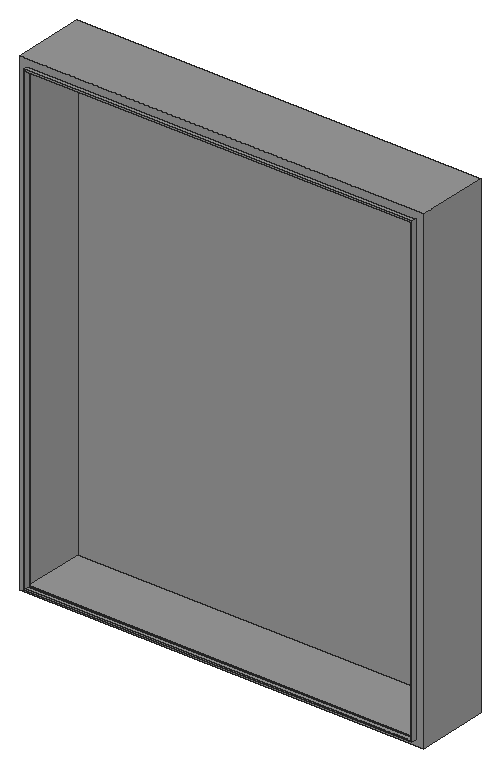
Revit family "Hager-Univers-IP30-D160-Cl.II-FWQ-encl-NoHosted-NL-en", category Equipement électrique, Revit 2020
Family settings
  Configuration du panneau = Deux colonnes, circuits au sein
  Cote de connecteur circulaire = Utiliser le diamètre
  Type d'élément = Tableau de raccordement
  Basée sur le plan de construction = Oui
  Toujours verticalement = Oui
  Couper avec des vides une fois chargée = Non
  Partagée = Non
  Point de calcul de pièce = Non
Parameters (values of type "Surface mounted (plaster) IP30 W800 H950 D160  - FWQ63N1")
  Width Control [instance] = if([EF000008 - Width] > Min Width, [EF000008 - Width], Min Width)  # 800 mm
  Commentaires du type = [HG000003 - Range]  # "Univers"
  Thickness Door [instance] = if([EF009171 - Material plate thickness door/cover] > 3 mm, 3 mm, [EF009171 - Material plate thickness door/cover])  # 2 mm
  Seal Frame Offset [instance] = 17 mm  # constant formula
  Plinth Visibility [instance] = [HG000027 - Plinth height] > 0 mm  # no
  Min Width [instance] = 100 mm  # constant formula
  Min Depth [instance] = (2 * [EF009170 - Material plate thickness cabinet]) + 1 mm  # 5 mm
  Min Height [instance] = 100 mm  # constant formula
  Internal Frame Depth [instance] = (Door System Depth * 0.5)  # 9 mm
  Panel Name [instance] = ""  # (empty or 0)
  Model = ""
  HG000027 - Plinth height = 0 mm
  HG000026 - Floor standing = no
  HG000024 - Bottom section height = 600 mm
  HG000023 - Double section enclosure = no
  HG000016 - Door 3d visibility [instance] = yes
  HG000015 - Clearance visibility [instance] = no
  HG000014 - Door on the right [instance] = yes
  HG000013 - Door on the left [instance] = not([HG000014 - Door on the right])  # no
  HG000012 - Door swing angle [instance] = 30.00°
  HG000010 - Asymmetric doors = no
  HG000009 - Double swing door = no
  HG000006 - Flush mounted = no
  HG000004 - Manufacturer reference = "FWQ63N1"
  HG000003 - Range = "Univers"
  HG000002 - With door or cover = no
  Frame Offset Bottom [instance] = 10 mm  # constant formula
  Frame Offset [instance] = 15 mm  # constant formula
  EF015940 - Cover with overpressure release = no
  EF011959 - Degree of protection (NEMA) = ""
  EF009554 - Number of openings for flange plates = 6
  EF009212 - Cover model = "EV009916 - With notch"
  EF009171 - Material plate thickness door/cover = 2 mm
  EF009170 - Material plate thickness cabinet = 2 mm
  EF008873 - Nominal current (In) = 125 A
  EF007800 - Suitable for lightning protection = no
  EF006306 - With lock = no
  EF006244 - Transparent cover/door = no
  EF005474 - Degree of protection (IP) = "EV006410 - IP30"
  EF004464 - Type of door = "EV002646 - Single"
  EF004427 - Number of modules = 144
  EF004293 - Impact strength = "EV006815 - IK09"
  EF003532 - Suitable for outdoor use = no
  EF002950 - Width in number of modular spacings = 36
  EF001613 - Circuit integrity = "EV000494 - None"
  EF001596 - Material housing = "EV000179 - Steel"
  EF001131 - Internal depth = 160 mm
  EF001088 - Extension possible = yes
  EF000437 - Number of conduit inlets = 12
  EF000339 - Type of cover = "EV001012 - Cover"
  EF000266 - Number of rows = 3
  EF000218 - Built-in depth = 0 mm
  EF000118 - With mounting plate = yes
  EF000116 - RAL-number = "9010"
  EF000049 - Depth = 160 mm
  EF000040 - Height = 950 mm
  EF000008 - Width = 800 mm
  EF000007 - Colour = "EV000202 - White"
  EF000003 - Mounting method = "EV000384 - Surface mounted (plaster)"
  Door System Leaf Tolerance [instance] = 1.5 mm  # constant formula
  Door System Depth [instance] = 18 mm  # constant formula
  Door Height [instance] = Height Control - [HG000027 - Plinth height]  # 950 mm
  Description = ""
  Default Elevation = 1219.2 mm
  Connector Offset [instance] = Height Control / 2  # 475 mm
  Fabricant = "Hager"  # constant formula
  Height Control [instance] = if([EF000040 - Height] > Min Height, [EF000040 - Height], Min Height)  # 950 mm
  Depth Control [instance] = if([EF000049 - Depth] > Min Depth, [EF000049 - Depth], Min Depth)  # 160 mm
  Bottom Top Plate Trim [instance] = 1.5 mm  # constant formula
  Plinth height Ctrl [instance] = if([HG000027 - Plinth height] > 0 mm, [HG000027 - Plinth height], 12 mm)  # 12 mm
Types (20, lengths in mm): name | Width Control | HG000004 - Manufacturer reference | EF009554 - Number of openings for flange plates | EF004464 - Type of door | EF004427 - Number of modules | EF004293 - Impact strength | EF002950 - Width in number of modular spacings | EF001131 - Internal depth | EF000437 - Number of conduit inlets | EF000339 - Type of cover | EF000266 - Number of rows | EF000118 - With mounting plate | EF000040 - Height | EF000008 - Width | Door Height | Connector Offset | Height Control
  Surface mounted (plaster) IP30 W1050 H1100 D160  - FWQ74N1 | 1050 | "FWQ74N1" | 8 | "EV002646 - Single" | 336 | "EV006815 - IK09" | 48 | 160 | 16 | "EV001012 - Cover" | 7 | yes | 1100 | 1050 | 1100 | 550 | 1100
  Surface mounted (plaster) IP30 W1050 H650 D160  - FWQ34D1 | 1050 | "FWQ34D1" | 8 | "EV002646 - Single" | 192 | "EV006815 - IK09" | 48 | 160 | 16 | "EV001012 - Cover" | 16 | yes | 650 | 1050 | 650 | 325 | 650
  Surface mounted (plaster) IP30 W1050 H650 D160  - FWQ44D1 | 1050 | "FWQ44D1" | 8 | "EV002646 - Single" | 192 | "" | 48 | 160 | 16 | "EV001012 - Cover" | 16 | yes | 650 | 1050 | 650 | 325 | 650
  Surface mounted (plaster) IP30 W1050 H800 D160  - FWQ54D1 | 1050 | "FWQ54D1" | 8 | "EV002646 - Single" | 240 | "" | 48 | 160 | 16 | "EV001012 - Cover" | 20 | yes | 800 | 1050 | 800 | 400 | 800
  Surface mounted (plaster) IP30 W300 H650 D160  - FWQ41D1 | 300 | "FWQ41D1" | 2 | "EV002646 - Single" | 48 | "" | 12 | 160 | 4 | "EV001012 - Cover" | 4 | yes | 650 | 300 | 650 | 325 | 650
  Surface mounted (plaster) IP30 W300 H950 D160  - FWQ61D1 | 300 | "FWQ61D1" | 2 | "EV002646 - Single" | 72 | "" | 12 | 160 | 4 | "EV001012 - Cover" | 6 | yes | 950 | 300 | 950 | 475 | 950
  Surface mounted (plaster) IP30 W550 H1100 D160  - FWQ72D1 | 550 | "FWQ72D1" | 4 | "EV002646 - Single" | 168 | "" | 12 | 160 | 8 | "EV001012 - Cover" | 14 | yes | 1100 | 550 | 1100 | 550 | 1100
  Surface mounted (plaster) IP30 W550 H1100 D160  - FWQ72N1 | 550 | "FWQ72N1" | 4 | "EV002646 - Single" | 168 | "EV006815 - IK09" | 24 | 160 | 8 | "EV001012 - Cover" | 7 | yes | 1100 | 550 | 1100 | 550 | 1100
  Surface mounted (plaster) IP30 W550 H650 D160  - FWQ42D1 | 550 | "FWQ42D1" | 4 | "EV002646 - Single" | 96 | "" | 24 | 160 | 8 | "EV001012 - Cover" | 8 | yes | 650 | 550 | 650 | 325 | 650
  Surface mounted (plaster) IP30 W550 H800 D160  - FWQ52D1 | 550 | "FWQ52D1" | 4 | "EV002646 - Single" | 120 | "" | 24 | 160 | 8 | "EV001012 - Cover" | 10 | yes | 800 | 550 | 800 | 400 | 800
  Surface mounted (plaster) IP30 W550 H800 D160  - FWQ52N1 | 550 | "FWQ52N1" | 4 | "EV002646 - Single" | 120 | "EV006815 - IK09" | 24 | 160 | 8 | "EV001012 - Cover" | 5 | yes | 800 | 550 | 800 | 400 | 800
  Surface mounted (plaster) IP30 W550 H950 D160  - FWQ62D1 | 550 | "FWQ62D1" | 4 | "EV002646 - Single" | 144 | "" | 24 | 160 | 8 | "EV001012 - Cover" | 12 | yes | 950 | 550 | 950 | 475 | 950
  Surface mounted (plaster) IP30 W550 H950 D160  - FWQ62N1 | 550 | "FWQ62N1" | 4 | "EV002646 - Single" | 96 | "EV006815 - IK09" | 24 | 160 | 8 | "EV001012 - Cover" | 2 | yes | 950 | 550 | 950 | 475 | 950
  Surface mounted (plaster) IP30 W800 H1100 D160  - FWQ73N1 | 800 | "FWQ73N1" | 6 | "EV002646 - Single" | 252 | "EV006815 - IK09" | 36 | 160 | 12 | "EV001012 - Cover" | 7 | yes | 1100 | 800 | 1100 | 550 | 1100
  Surface mounted (plaster) IP30 W800 H500 D160  - FWQ33D1 | 800 | "FWQ33D1" | 6 | "EV000494 - None" | 108 | "" | 36 | 156 | 12 | "EV000494 - None" | 9 | no | 500 | 800 | 500 | 250 | 500
  Surface mounted (plaster) IP30 W800 H650 D160  - FWQ43D1 | 800 | "FWQ43D1" | 6 | "EV002646 - Single" | 144 | "" | 36 | 160 | 12 | "EV001012 - Cover" | 12 | yes | 650 | 800 | 650 | 325 | 650
  Surface mounted (plaster) IP30 W800 H800 D160  - FWQ53D1 | 800 | "FWQ53D1" | 6 | "EV002646 - Single" | 180 | "" | 36 | 160 | 12 | "EV001012 - Cover" | 15 | yes | 800 | 800 | 800 | 400 | 800
  Surface mounted (plaster) IP30 W800 H800 D160  - FWQ53N1 | 800 | "FWQ53N1" | 6 | "EV002646 - Single" | 180 | "EV006815 - IK09" | 36 | 160 | 12 | "EV001012 - Cover" | 5 | yes | 800 | 800 | 800 | 400 | 800
  Surface mounted (plaster) IP30 W800 H950 D160  - FWQ63D1 | 800 | "FWQ63D1" | 6 | "EV002646 - Single" | 216 | "" | 36 | 160 | 12 | "EV001012 - Cover" | 18 | yes | 950 | 800 | 950 | 475 | 950
  Surface mounted (plaster) IP30 W800 H950 D160  - FWQ63N1 | 800 | "FWQ63N1" | 6 | "EV002646 - Single" | 144 | "EV006815 - IK09" | 36 | 160 | 12 | "EV001012 - Cover" | 3 | yes | 950 | 800 | 950 | 475 | 950
Reference planes
  plane 1 "Center (Front/Back)": y = 0
  plane 2: z = 0
  plane 3 "Center (Left/Right)": x = 0
  plane 4: y = 0
  plane 5: y = 0
  plane 6: z = 0
  plane 7: x = -400
  plane 8: x = 400
  plane 9: x = 398
  plane 10: x = -398
  plane 11: z = 0
  plane 12: z = 2
  plane 13: y = -160
  plane 14: y = -2
  plane 15: x = 0
  plane 16: y = -142
  plane 17: y = -158
  plane 18: y = -140
  plane 19: x = -383
  plane 20: x = 383
  plane 21: z = 12
  plane 22: x = -383
  plane 23: x = 383
  plane 24: z = 0
  plane 25: z = 950
  plane 26: z = 950
  plane 27: z = 933
  plane 28: z = 948
Forms (mm)
  Extrusion 1, solid, material "Hager_Steel_RAL7035_Light_Grey", detail levels medium+fine
    sketch origin (-208.679, -4572, 0) x (-1, 0, 0) y (0, -1, 0)
      loop
        line (191.321, -4430) -> (-608.679, -4430) -> (-608.679, -4572) -> (191.321, -4572) -> (191.321, -4430)
    from 0 to 950
  Extrusion 2, void
    sketch origin (-350.771, -160, 1219.2) x (1, 0, 0) y (0, 0, 1)
      loop
        line (-47.229, -271.2) -> (-47.229, -1217.2) -> (748.771, -1217.2) -> (748.771, -271.2) -> (-47.229, -271.2)
    from -20 to -158
  Extrusion 3, void
    sketch origin (-290.084, -142, 1219.2) x (1, 0, 0) y (0, 0, 1)
      loop
        line (-92.916, -1207.2) -> (673.084, -1207.2) -> (673.084, -286.2) -> (-92.916, -286.2) -> (-92.916, -1207.2)
    from 0 to -2
  Extrusion 4, solid, material "Hager_Steel_RAL7035_Light_Grey", visible <- "Plinth Visibility", detail levels medium+fine
    sketch origin (0, 0, 0) x (1, 0, 0) y (0, 1, 0)
      loop
        line (-400, 0) -> (-400, -142) -> (400, -142) -> (400, 0) -> (-400, 0)
    from 0 to 12 <- "Plinth height Ctrl"
  Extrusion 5, solid, material "Hager_Steel_RAL7035_Light_Grey", detail levels coarse
    sketch origin (0, 0, 0) x (1, 0, 0) y (0, 1, 0)
      loop
        line (-400, 0) -> (-400, -160) -> (400, -160) -> (400, 0) -> (-400, 0)
    from 0 to 950 <- "Height Control"
  Sweep 6, void
    path in 3D
      loop
        line (-400, -142, 12) -> (400, -142, 12) -> (400, 0, 12) -> (-400, 0, 12) -> (-400, -142, 12)
    profile origin (-400, -71, 12) x (1, 0, 0) y (0, 0, 1)
      loop
        line (0, 0) -> (0, -1.5) -> (1.5, -1.5)
        arc (1.5, -1.5) -> (1.061, -0.439) -> (0, 0) r 1.5
  Extrusion 7, solid, material "Hager_Steel_RAL7035_Light_Grey", detail levels fine
    sketch origin (-400, -142, 0) x (1, 0, 0) y (0, 0, 1)
      loop
        line (17, 12) -> (783, 12) -> (783, 933) -> (17, 933) -> (17, 12)
      loop
        line (15, 10) -> (785, 10) -> (785, 935) -> (15, 935) -> (15, 10)
    from 0 to 9 <- "Internal Frame Depth"
Cuts and joins
  Extrusion 2, Extrusion 3 cuts Extrusion 1
  Sweep 6 cuts Extrusion 4
Lines and regions (mm)
  Masking region 1
    outline origin (0, 0, 0) x (1, 0, 0) y (0, 1, 0)
      loop
        line (-400, 0) -> (-400, -160) -> (400, -160) -> (400, 0) -> (-400, 0)
  Masking region 2, detail levels coarse
    outline origin (-290.084, -142, 1219.2) x (-1, 0, 0) y (0, 0, 1)
      loop
        line (-690.084, -1219.2) -> (109.916, -1219.2) -> (109.916, -269.2) -> (-690.084, -269.2) -> (-690.084, -1219.2)
  Masking region 3, detail levels coarse
    outline origin (0, 0, 0) x (0, 1, 0) y (0, 0, 1)
      loop
        line (0, 0) -> (0, 950) -> (-160, 950) -> (-160, 0) -> (0, 0)
  Masking region 4, visible <- "Plinth Visibility", detail levels medium+fine
    outline origin (0, 0, 0) x (0, 1, 0) y (0, 0, 1)
      loop
        line (-1.5, 12) -> (-140.5, 12)
        arc (-140.5, 12) -> (-140.939, 10.939) -> (-142, 10.5) r 1.5
        line (-142, 10.5) -> (-142, 0) -> (0, 0) -> (0, 10.5)
        arc (0, 10.5) -> (-1.061, 10.939) -> (-1.5, 12) r 1.5
  Masking region 5, detail levels medium+fine
    outline origin (0, 0, 594.038) x (0, 1, 0) y (0, 0, 1)
      loop
        line (0, -594.038) -> (0, 355.962) -> (-142, 355.962) -> (-142, -594.038) -> (0, -594.038)
  Masking region 6, detail levels medium+fine
    outline origin (-359.7, -142, 1211.883) x (-1, 0, 0) y (0, 0, 1)
      loop
        line (-759.7, -1211.883) -> (40.3, -1211.883) -> (40.3, -261.883) -> (-759.7, -261.883) -> (-759.7, -1211.883)
  Masking region 7, visible <- "Plinth Visibility", detail levels medium+fine
    outline origin (-320.334, -142, 1041.368) x (-1, 0, 0) y (0, 0, 1)
      loop
        line (-720.334, -1041.368) -> (79.666, -1041.368) -> (79.666, -1030.868)
        arc (79.666, -1030.868) -> (78.606, -1030.429) -> (78.166, -1029.368) r 1.5
        line (78.166, -1029.368) -> (-718.834, -1029.368)
        arc (-718.834, -1029.368) -> (-719.273, -1030.429) -> (-720.334, -1030.868) r 1.5
        line (-720.334, -1030.868) -> (-720.334, -1041.368)
  sketch lines
    curve 1: line (-400, 0, 12) -> (-400, -142, 12)
    curve 2: line (-400, -142, 12) -> (400, -142, 12)
    curve 3: line (400, 0, 12) -> (-400, 0, 12)
    curve 4: line (400, -142, 12) -> (400, 0, 12)
Dimensions and locks
  locked: plane 1 "Center (Front/Back)" to plane 5
  "EF009170 - Material plate thickness cabinet": plane 7 to plane 10
  "EF009170 - Material plate thickness cabinet": plane 8 to plane 9
  equal spacing: plane 7, plane 3 "Center (Left/Right)", plane 8
  "Width Control": plane 7 to plane 8
  "Depth Control": plane 4 to plane 13
  "EF009170 - Material plate thickness cabinet": plane 4 to plane 14
  "Height Control": plane 25 to level
  "HG000027 - Plinth height": plane 11 to level
  "EF009170 - Material plate thickness cabinet": plane 12 to plane 11
  "EF009170 - Material plate thickness cabinet": plane 17 to plane 13
  "EF009170 - Material plate thickness cabinet": plane 18 to plane 16
  "Frame Offset Bottom": plane 21 to plane 12
  "Frame Offset": plane 10 to plane 19
  "Frame Offset": plane 9 to plane 20
  "Door System Depth": plane 16 to plane 13
  "Seal Frame Offset": plane 7 to plane 22
  "Seal Frame Offset": plane 8 to plane 23
  "EF009170 - Material plate thickness cabinet": plane 26 to plane 28
  "Frame Offset": plane 28 to plane 27
  "Connector Offset": plane 2 to connector elem
  "Bottom Top Plate Trim": profile plane to Sweep 6 sketch curve
  "Bottom Top Plate Trim": Sweep 6 sketch curve to Sweep 6 sketch curve
  "Plinth height Ctrl": Masking region 4 sketch curve to level
  "Plinth height Ctrl": Masking region 7 sketch curve to level
  "Thickness Door": Extrusion 7 sketch curve to Extrusion 7 sketch curve  (x4)
  "Bottom Top Plate Trim": radius of Sweep 6 sketch curve
  "Bottom Top Plate Trim": radius of Masking region 4 sketch curve  (x2)
  "Bottom Top Plate Trim": radius of Masking region 7 sketch curve  (x2)
  aligned and locked: Extrusion 2 sketch curve to plane 12
  aligned and locked: Extrusion 2 sketch curve to plane 9
  aligned and locked: Extrusion 2 sketch curve to plane 10
  aligned and locked: Extrusion 2 to plane 14
  aligned and locked: Extrusion 1 sketch curve to plane 4
  aligned and locked: plane 8 to Extrusion 1 sketch curve
  aligned and locked: plane 7 to Extrusion 1 sketch curve
  aligned and locked: Extrusion 2 to plane 18
  aligned and locked: Extrusion 3 sketch curve to plane 19
  aligned and locked: plane 20 to Extrusion 3 sketch curve
  aligned and locked: Extrusion 3 to Extrusion 2
  aligned and locked: Extrusion 3 sketch curve to plane 21
  aligned and locked: plane 3 "Center (Left/Right)" to nested 1
  aligned and locked: Extrusion 1 sketch curve to plane 16
  aligned and locked: Extrusion 4 sketch curve to cut or joined group of Extrusion 1, Extrusion 2, Extrusion 3
  aligned and locked: Masking region 1 sketch curve to plane 7
  aligned and locked: Masking region 1 sketch curve to plane 5
  aligned and locked: Masking region 1 sketch curve to plane 8
  aligned and locked: Masking region 2 sketch curve to level
  aligned and locked: level to Masking region 3 sketch curve
  aligned and locked: plane 1 "Center (Front/Back)" to Masking region 3 sketch curve
  aligned and locked: plane 13 to Masking region 3 sketch curve
  aligned and locked: plane 5 to Masking region 4 sketch curve
  aligned and locked: Masking region 2 sketch curve to plane 8
  aligned and locked: Masking region 2 sketch curve to plane 7
  aligned and locked: plane 7 to nested 2
  aligned and locked: nested 2 to plane 5
  aligned and locked: plane 5 to Masking region 5 sketch curve
  aligned and locked: plane 26 to Masking region 5 sketch curve
  aligned and locked: Extrusion 5 sketch curve to plane 8
  aligned and locked: Extrusion 5 sketch curve to plane 7
  aligned and locked: Extrusion 5 sketch curve to plane 5
  aligned and locked: Extrusion 3 sketch curve to plane 27
  aligned and locked: Extrusion 2 sketch curve to plane 28
  aligned and locked: Masking region 2 to plane 25
  aligned and locked: Extrusion 4 to plane 16
  aligned and locked: profile plane to Sweep 6 sketch curve
  aligned and locked: Masking region 5 sketch curve to plane 24
  aligned and locked: level to Masking region 4 sketch curve
  aligned and locked: Masking region 1 to plane 13
  aligned and locked: nested 1 to plane 16
  aligned and locked: Masking region 3 to plane 25
  aligned and locked: plane 16 to Masking region 4 sketch curve
  aligned and locked: Masking region 5 sketch curve to plane 16
  aligned and locked: plane 24 to plane 11
  aligned and locked: plane 26 to plane 25
  aligned and locked: plane 26 to cut or joined group of Extrusion 1, Extrusion 2, Extrusion 3
  aligned and locked: nested 1 to plane 24
  aligned and locked: Extrusion 1 to Extrusion 3
  aligned and locked: Masking region 6 sketch curve to plane 8
  aligned and locked: Masking region 6 sketch curve to plane 24
  aligned and locked: Masking region 6 sketch curve to plane 7
  aligned and locked: Masking region 6 sketch curve to plane 26
  aligned and locked: Masking region 7 sketch curve to plane 7
  aligned and locked: level to Masking region 7 sketch curve
  aligned and locked: Masking region 7 sketch curve to plane 8
  aligned and locked: Extrusion 7 sketch curve to cut or joined group of Extrusion 1, Extrusion 2, Extrusion 3  (x4)
Automatic sketch dimensions
  plane 19 to Extrusion 3 sketch curve = 0 mm
  Extrusion 3 sketch curve to plane 20 = 0 mm
  Extrusion 3 sketch curve to plane 21 = 0 mm
  Extrusion 4 sketch curve to plane 7 = 0 mm
  Extrusion 4 sketch curve to plane 8 = 0 mm
  Extrusion 4 sketch curve to plane 16 = 0 mm
  Masking region 1 sketch curve to plane 13 = 0 mm
  Masking region 2 sketch curve to plane 25 = 0 mm
  Masking region 3 sketch curve to plane 25 = 0 mm
  Extrusion 5 sketch curve to plane 13 = 0 mm
  profile plane to Sweep 6 sketch curve = 0 mm
Nested families
  nested 1: "EC000058_Univers_Door" at (0, -142, 0), Double <- "HG000009 - Double swing door", Transparent <- "EF006244 - Transparent cover/door", Angle <- "HG000012 - Door swing angle", Door_Right <- "HG000014 - Door on the right", Assymetrical <- "HG000010 - Asymmetric doors", Door <- "HG000002 - With door or cover", Width_Ctrl <- "Width Control", 3d_Door <- "HG000016 - Door 3d visibility", Clearance <- "HG000015 - Clearance visibility", Door_Left <- "HG000013 - Door on the left", Width <- "Width Control", Door_Depth <- "Door System Depth", Leaf_Tolerance <- "Door System Leaf Tolerance", Height <- "Door Height", Lock_Visibility <- "EF006306 - With lock", Thickness <- "Thickness Door", type "EC000058_Univers_Door", detail levels medium+fine
    with min_wh 5 mm, Width_Ctrl 800 mm, Width 800 mm, Transparent no, Thickness 2 mm, Seal_Material Hager_Rubber, Lock_Visibility no, Lock_Material Hager_Plastic_RAL9005_Jet_Black, Leaf_Width 800 mm, Leaf_Tolerance_External_Sides 0 mm, Leaf_Tolerance 1.5 mm, Leaf_Offset 0 mm, Leaf_Height 947 mm, Leaf_2_Width 800 mm, Leaf_2_Offset 400 mm, Leaf_1_Width 800 mm, Leaf_1_Offset 400 mm, Height_Ctrl 950 mm, Height 950 mm, Glass_Material Hager_Glass, Double_Clearance_Ctrl no, Double no, Door_Right_Ctrl no, Door_Right yes, Door_Material Hager_Steel_RAL7035_Light_Grey, Door_Left_Ctrl no, Door_Left no, Door_Depth 18 mm, Door no, Clearance_Material Hager_Clearance, Clearance_Depth 800 mm, Clearance_Ctrl no, Clearance no, Assymetrical no, Angle 30.00°, 3d_Door yes
  nested 2: "Hager_Enclosure_Symbol" at (-400, 0, 0), Height <- "Depth Control", Width <- "Width Control", type "Hager_Enclosure_Symbol"
    with Width_Ctrl 800 mm, Width 800 mm, Height_Ctrl 160 mm, Height 160 mm, A_Width_Int 10.5 mm, A_Width 126 mm, A_Height_Ctrl 140 mm, A_Height 140 mm
Connectors
  electrical at (0, 0, 475)
    settings: on plane 1 "Center (Front/Back)", index 1, voltage 0 V, apparent load 0 VA, apparent load phase1 0 VA, apparent load phase2 0 VA, apparent load phase3 0 VA, power factor 1, load classification "Other", number of poles 1, system type 30, power factor state 1, is connector primary yes, connector utility no, sub classification motor no, connector description ""
Definition of nested family "EC000058_Univers_Door"
  Parameters (values of type "EC000058_Univers_Door")
    min_wh [instance] = (2 * Thickness) + 1 mm  # 11 mm
    Width_Ctrl [instance] = 400 mm
    Width [instance] = 500 mm
    Transparent [instance] = yes
    Thickness [instance] = 5 mm
    Seal_Material [instance] = none
    Lock_Visibility [instance] = yes
    Lock_Material [instance] = none
    Leaf_Width [instance] = if((Width_Ctrl - 2 * Leaf_Tolerance_External_Sides) > 0 mm, (Width_Ctrl - 2 * Leaf_Tolerance_External_Sides), min_wh)  # 400 mm
    Leaf_Tolerance_External_Sides [instance] = 0 mm  # constant formula
    Leaf_Tolerance [instance] = 1.5 mm
    Leaf_Offset [instance] = 0 mm  # constant formula
    Leaf_Height [instance] = if((Height_Ctrl - 2 * Leaf_Tolerance) > 0 mm, (Height_Ctrl - 2 * Leaf_Tolerance), min_wh)  # 497 mm
    Leaf_2_Width [instance] = if(and(and(Double, Assymetrical), Door_Left), (Leaf_Width / 3) - (Leaf_Tolerance / 2), if(and(and(Double, Assymetrical), Door_Right), (Leaf_Width / 3) * 2 - (Leaf_Tolerance / 2), if(and(Double, not(Assymetrical)), (Leaf_Width / 2) - Leaf_Tolerance, Leaf_Width)))  # 400 mm
    Leaf_2_Offset [instance] = if(and(Double, Assymetrical), Leaf_2_Width / 2, if(and(Double, not(Assymetrical)), Leaf_Width / 4, Leaf_Width / 2))  # 200 mm
    Leaf_1_Width [instance] = if(and(and(Double, Assymetrical), Door_Right), (Leaf_Width / 3) - (Leaf_Tolerance / 2), if(and(and(Double, Assymetrical), Door_Left), (Width / 3) * 2 - (Leaf_Tolerance / 2), if(and(Double, not(Assymetrical)), (Leaf_Width / 2) - Leaf_Tolerance, Leaf_Width)))  # 400 mm
    Leaf_1_Offset [instance] = if(and(Double, Assymetrical), Leaf_1_Width / 2, if(and(Double, not(Assymetrical)), Leaf_Width / 4, Leaf_Width / 2))  # 200 mm
    Height_Ctrl [instance] = if(Height > min_wh, Height, min_wh)  # 500 mm
    Height [instance] = 500 mm
    Glass_Material [instance] = none
    Double_Clearance_Ctrl [instance] = and(Double, Clearance)  # no
    Double [instance] = no
    Door_Right_Ctrl [instance] = and(or(Door_Right, Double), Door)  # yes
    Door_Right [instance] = yes
    Door_Material [instance] = none
    Door_Left_Ctrl [instance] = and(or(Door_Left, Double), Door)  # no
    Door_Left [instance] = no
    Door_Depth [instance] = 30 mm
    Door [instance] = yes
    Default Elevation = 1219.2 mm
    Clearance_Material [instance] = none
    Clearance_Depth [instance] = if(Leaf_1_Width > Leaf_2_Width, Leaf_1_Width, Leaf_2_Width)  # 400 mm
    Clearance_Ctrl [instance] = and(not(Double), Clearance)  # yes
    Clearance [instance] = yes
    Assymetrical [instance] = yes
    Angle [instance] = 30.00°
    3d_Door [instance] = yes
  Reference planes
    plane 1 "Center (Front/Back)": y = 0
    plane 2 "Bottom": z = 0
    plane 3 "Center (Left/Right)": x = 0
    plane 4: z = 500
    plane 5: x = -200
    plane 6: x = 200
    plane 7: z = 500
    plane 8: x = -200
    plane 9: z = 0
    plane 10: x = 200
    plane 11: y = 0
    plane 12: z = 1.5
    plane 13: x = -600
    plane 14: y = -400
    plane 15: x = 600
    plane 16: x = 0
    plane 17: x = 0
    plane 18: x = -200
    plane 19: x = 200
    plane 20: z = 498.5
  Forms (mm)
    Extrusion 1, solid, material <- "Clearance_Material", visible <- "Double_Clearance_Ctrl"
      sketch origin (1200, 0, 0) x (1, 0, 0) y (0, 0, -1)
        loop
          line (-1800, -498.5) -> (-600, -498.5) -> (-600, 0) -> (-1800, 0) -> (-1800, -498.5)
      from 0 to -400
  Dimensions and locks
    equal spacing: plane 5, plane 3 "Center (Left/Right)", plane 6
    "Width_Ctrl": plane 5 to plane 6
    "Leaf_Offset": plane 5 to plane 8
    "Leaf_Offset": plane 6 to plane 10
    "Leaf_Offset": plane 9 to level
    "Leaf_Offset": plane 4 to plane 7
    "Height_Ctrl": plane 4 to level
    "Leaf_Tolerance": plane 12 to plane 9
    locked: plane 11 to plane 1 "Center (Front/Back)"
    "Leaf_1_Offset": plane 18 to plane 16
    "Leaf_2_Offset": plane 17 to plane 19
    "Leaf_1_Width": plane 13 to plane 8
    "Leaf_2_Width": plane 10 to plane 15
    "Clearance_Depth": plane 14 to plane 1 "Center (Front/Back)"
    "Leaf_Tolerance_External_Sides": plane 8 to plane 18
    "Leaf_Tolerance_External_Sides": plane 19 to plane 10
    "Leaf_Tolerance": plane 7 to plane 20
    aligned and locked: level to plane 2 "Bottom"
    aligned and locked: nested 1 to plane 16
    aligned and locked: nested 2 to plane 17
    aligned and locked: Extrusion 1 to plane 13
    aligned and locked: plane 15 to Extrusion 1
    aligned and locked: Extrusion 1 to plane 14
    aligned and locked: plane 12 to nested 1
    aligned and locked: nested 2 to plane 12
    aligned and locked: Extrusion 1 to plane 11
    aligned and locked: plane 20 to Extrusion 1
    aligned and locked: nested 2 to plane 11
    aligned and locked: nested 1 to plane 11
  Automatic sketch dimensions
    Extrusion 1 sketch curve to level = 0 mm
    plane 5 to Extrusion 1 sketch curve = 400 mm
    plane 6 to Extrusion 1 sketch curve = 400 mm
    Extrusion 1 sketch curve to plane 4 = 1.5 mm
  Nested families
    nested 1: "EC000058_Univers_Door_Leaf" at (0, 0, 1.5), Width <- "Leaf_1_Width", visible <- "Door_Left_Ctrl", Leaf_Height <- "Leaf_Height", Angle <- "Angle", 3d_Door <- "3d_Door", Transparent <- "Transparent", Clearance Material <- "Clearance_Material", Clearance <- "Clearance_Ctrl", Door_Material <- "Door_Material", Glass_Material <- "Glass_Material", Door_Depth <- "Door_Depth", Lock_Material <- "Lock_Material", Seal_Material <- "Seal_Material", Lock_Visibility <- "Lock_Visibility", Thickness <- "Thickness", type "EC000058_Univers_Door_Leaf"
      with Width 400 mm, Transparent_Glass_Offset 30 mm, Transparent_Ctrl yes, Transparent yes, Thickness 5 mm, Standard no, Seal_Material none, Seal_D2 8 mm, Seal_D1 1 mm, Offset_Internal_Frame 10 mm, Lock_Width 20 mm, Lock_Visibility_3d yes, Lock_Visibility yes, Lock_Thickness_3 3 mm, Lock_Thickness_2 1 mm, Lock_Thickness_1 3 mm, Lock_Radius_Offset_2 16 mm, Lock_Radius_Offset_1 15 mm, Lock_Radius_2 5 mm, Lock_Radius 6 mm, Lock_Offset 5 mm, Lock_Material none, Lock_Height 80 mm, Lock_Cover_Top_Offset_2d 17 mm, Lock_Cover_Height -65 mm, Leaf_Height 497 mm, Internal_Seal_Thickness 8 mm, Internal_Seal_Depth_2 4.5 mm, Internal_Frame_Depth 25 mm, Glass_Thickness -1 mm, Glass_Offset -2 mm, Glass_Material none, Door_Material none, Door_Depth 30 mm, Clearance Material none, Clearance yes, Angle_Ctrl 30.00°, Angle 30.00°, 3d_Door yes
    nested 2: "EC000058_Univers_Door_Leaf" at (0, 0, 1.5) x (-1, 0, 0) z (0, 0, 1), Width <- "Leaf_2_Width", visible <- "Door_Right_Ctrl", Leaf_Height <- "Leaf_Height", Angle <- "Angle", 3d_Door <- "3d_Door", Transparent <- "Transparent", Clearance Material <- "Clearance_Material", Clearance <- "Clearance_Ctrl", Door_Material <- "Door_Material", Glass_Material <- "Glass_Material", Door_Depth <- "Door_Depth", Lock_Material <- "Lock_Material", Seal_Material <- "Seal_Material", Lock_Visibility <- "Lock_Visibility", Thickness <- "Thickness", type "EC000058_Univers_Door_Leaf"
      with Width 400 mm, Transparent_Glass_Offset 30 mm, Transparent_Ctrl yes, Transparent yes, Thickness 5 mm, Standard no, Seal_Material none, Seal_D2 8 mm, Seal_D1 1 mm, Offset_Internal_Frame 10 mm, Lock_Width 20 mm, Lock_Visibility_3d yes, Lock_Visibility yes, Lock_Thickness_3 3 mm, Lock_Thickness_2 1 mm, Lock_Thickness_1 3 mm, Lock_Radius_Offset_2 16 mm, Lock_Radius_Offset_1 15 mm, Lock_Radius_2 5 mm, Lock_Radius 6 mm, Lock_Offset 5 mm, Lock_Material none, Lock_Height 80 mm, Lock_Cover_Top_Offset_2d 17 mm, Lock_Cover_Height -65 mm, Leaf_Height 497 mm, Internal_Seal_Thickness 8 mm, Internal_Seal_Depth_2 4.5 mm, Internal_Frame_Depth 25 mm, Glass_Thickness -1 mm, Glass_Offset -2 mm, Glass_Material none, Door_Material none, Door_Depth 30 mm, Clearance Material none, Clearance yes, Angle_Ctrl 30.00°, Angle 30.00°, 3d_Door yes
  Definition of nested family "EC000058_Univers_Door_Leaf"
    Parameters (values of type "EC000058_Univers_Door_Leaf")
      Width [instance] = 2000 mm
      Transparent_Glass_Offset [instance] = 30 mm
      Transparent_Ctrl [instance] = and(Transparent, [3d_Door])  # yes
      Transparent [instance] = yes
      Thickness [instance] = 5 mm
      Standard [instance] = and(not(Transparent), [3d_Door])  # no
      Seal_Material [instance] = none
      Seal_D2 [instance] = 8 mm  # constant formula
      Seal_D1 [instance] = 1 mm  # constant formula
      Offset_Internal_Frame [instance] = 10 mm  # constant formula
      Lock_Width [instance] = 20 mm  # constant formula
      Lock_Visibility_3d [instance] = and(Lock_Visibility, [3d_Door])  # yes
      Lock_Visibility [instance] = yes
      Lock_Thickness_3 [instance] = 3 mm  # constant formula
      Lock_Thickness_2 [instance] = 1 mm  # constant formula
      Lock_Thickness_1 [instance] = 3 mm  # constant formula
      Lock_Radius_Offset_2 [instance] = Lock_Radius_Offset_1 + 1 mm  # 16 mm
      Lock_Radius_Offset_1 [instance] = 15 mm  # constant formula
      Lock_Radius_2 [instance] = Lock_Radius - 1 mm  # 5 mm
      Lock_Radius [instance] = 6 mm  # constant formula
      Lock_Offset [instance] = 5 mm  # constant formula
      Lock_Material [instance] = none
      Lock_Height [instance] = 80 mm  # constant formula
      Lock_Cover_Top_Offset_2d [instance] = Lock_Radius_Offset_2 + 1 mm  # 17 mm
      Lock_Cover_Height [instance] = -(Lock_Height - Lock_Radius_Offset_1)  # -65 mm
      Leaf_Height [instance] = 2720.336 mm
      Internal_Seal_Thickness [instance] = 8 mm  # constant formula
      Internal_Seal_Depth_2 [instance] = 4.5 mm  # constant formula
      Internal_Frame_Depth [instance] = if(Door_Depth - Thickness > 5 mm, Door_Depth - Thickness, 5 mm)  # 25 mm
      Glass_Thickness [instance] = if(Thickness > 15 mm, Glass_Offset + 10 mm, -1 mm)  # -1 mm
      Glass_Offset [instance] = if(Thickness > 15 mm, -(Thickness + 10 mm) / 2, -2 mm)  # -2 mm
      Glass_Material [instance] = none
      Door_Material [instance] = none
      Door_Depth [instance] = 30 mm
      Default Elevation = 0 mm
      Clearance Material [instance] = none
      Clearance [instance] = yes
      Angle_Ctrl [instance] = if(Angle > 180.00°, 180.00°, Angle)  # 90.00°
      Angle [instance] = 90.00°
      3d_Door [instance] = yes
    Reference planes
      plane 1 "Center (Front/Back)": y = 0
      plane 2: z = 0
      plane 3 "Center (Left/Right)": x = 0
      plane 4: y = 2000
      plane 5: x = -1000
      plane 6: x = 1000
      plane 7: x = -3000
      plane 8: z = 2720.336
      plane 9: z = 30
      plane 10: z = 2690.336
      plane 11: x = 970
      plane 12: x = -970
      plane 13: y = -3
      plane 14: z = 107.833
      plane 15: y = -5
      plane 16: y = -223.314
      plane 17: x = -1000
      plane 18: z = 1360.168
      plane 19: y = 30
    Forms (mm)
      Extrusion 1, solid, material <- "Clearance Material", visible <- "Clearance"
        sketch origin (0, 0, 0) x (1, 0, 0) y (0, 0, 1)
          loop
            line (-3000, 2720.336) -> (-3000, 0) -> (1000, 0) -> (1000, 2720.336) -> (-3000, 2720.336)
        from 0 to -2000
      Extrusion 2, solid, material <- "Door_Material", visible <- "Standard", detail levels medium+fine
        sketch origin (-1000, 0, 0) x (0, 1, 0) y (-1, 0, 0)
          loop
            line (0, 30) -> (0, 25) -> (2000, 25) -> (2000, 30) -> (0, 30)
        from 0 to 2720.336 <- "Leaf_Height"
      Extrusion 3, solid, material <- "Door_Material", visible <- "Transparent_Ctrl", detail levels medium+fine
        sketch origin (-1000, 0, 0) x (0, 1, 0) y (-1, 0, 0)
          loop
            line (0, 25) -> (2000, 25) -> (2000, 30) -> (0, 30) -> (0, 25)
        from 0 to 2720.336 <- "Leaf_Height"
      Extrusion 4, void
        sketch origin (-1025, 2000, 0) x (0, 1, 0) y (0, 0, -1)
          loop
            line (-30, -2690.336) -> (-30, -30) -> (-1970, -30) -> (-1970, -2690.336) -> (-30, -2690.336)
        from 0 to 5 <- "Thickness"
      Sweep 5, solid, material <- "Seal_Material", visible <- "Transparent_Ctrl", detail levels fine
        path in 3D
          loop
            line (-1025, 30, 30) -> (-1025, 30, 2690.336) -> (-1025, 1970, 2690.336) -> (-1025, 1970, 30) -> (-1025, 30, 30)
        profile origin (-1025, 1000, 30) x (1, 0, 0) y (0, 0, 1)
          loop
            line (0, 0) -> (0, -8) -> (1, -8) -> (1, 0) -> (0, 0)
      Extrusion 6, solid, material <- "Glass_Material", visible <- "Transparent_Ctrl", detail levels medium+fine
        sketch origin (-1030, 0, 0) x (0, 1, 0) y (0, 0, -1)
          loop
            line (1970, -2690.336) -> (1970, -30) -> (30, -30) -> (30, -2690.336) -> (1970, -2690.336)
        from -2 <- "Glass_Offset" to -1 <- "Glass_Thickness"
      Extrusion 7, solid, material <- "Door_Material", visible <- "3d_Door", detail levels medium+fine
        sketch origin (-1025, 2000, 0) x (0, -1, 0) y (0, 0, -1)
          loop
            line (0, -2720.336) -> (2000, -2720.336) -> (2000, 0) -> (0, 0) -> (0, -2720.336)
          loop
            line (1995, -5) -> (5, -5) -> (5, -2715.336) -> (1995, -2715.336) -> (1995, -5)
        from 0 to 25 <- "Internal_Frame_Depth"
      Sweep 8, solid, material <- "Seal_Material", visible <- "Transparent_Ctrl", detail levels fine
        path in 3D
          loop
            line (-1025, 0, 0) -> (-1025, 2000, 0) -> (-1025, 2000, 2720.336) -> (-1025, 0, 2720.336) -> (-1025, 0, 0)
        profile origin (-1025, 0, 1360.168) x (1, 0, 0) y (0, 1, 0)
          loop
            line (0, 10) -> (2.975, 10)
            arc (2.975, 10) -> (4.053, 10.447) -> (4.5, 11.525) r 1.525
            line (4.5, 11.525) -> (4.5, 16.527)
            arc (4.5, 16.527) -> (4.069, 17.569) -> (3.027, 18) r 1.473
            line (3.027, 18) -> (0, 18) -> (0, 10)
      Extrusion 9, solid, material <- "Lock_Material", visible <- "Lock_Visibility_3d", detail levels fine
        sketch origin (-1030, 0, 0) x (0, 1, 0) y (0, 0, -1)
          loop
            arc (1993.5, -1400.168) -> (1994.561, -1399.729) -> (1995, -1398.668) r 1.5
            line (1995, -1398.668) -> (1995, -1320.168) -> (1975, -1320.168) -> (1975, -1398.668)
            arc (1975, -1398.668) -> (1975.439, -1399.729) -> (1976.5, -1400.168) r 1.5
            line (1976.5, -1400.168) -> (1993.5, -1400.168)
        from 3 <- "Lock_Thickness_1" to 0
      Blend 10, solid, material <- "Lock_Material", visible <- "Lock_Visibility_3d", detail levels fine
        base sketch origin (-1033, 0, 0) x (0, 1, 0) y (0, 0, -1)
          loop
            line (1975, -1320.168) -> (1975, -1398.668)
            arc (1975, -1398.668) -> (1975.439, -1399.729) -> (1976.5, -1400.168) r 1.5
            line (1976.5, -1400.168) -> (1993.5, -1400.168)
            arc (1993.5, -1400.168) -> (1994.561, -1399.729) -> (1995, -1398.668) r 1.5
            line (1995, -1398.668) -> (1995, -1320.168) -> (1975, -1320.168)
        top sketch origin (-1033, 0, 0) x (0, 1, 0) y (0, 0, -1)
          loop
            line (1976, -1320.168) -> (1976, -1398.668)
            arc (1976, -1398.668) -> (1976.146, -1399.022) -> (1976.5, -1399.168) r 0.5
            line (1976.5, -1399.168) -> (1993.5, -1399.168)
            arc (1993.5, -1399.168) -> (1993.854, -1399.022) -> (1994, -1398.668) r 0.5
            line (1994, -1398.668) -> (1994, -1320.168) -> (1976, -1320.168)
        from 0 to 1 <- "Lock_Thickness_2"
      Blend 11, solid, material <- "Lock_Material", visible <- "Lock_Visibility_3d", detail levels fine
        base sketch origin (-1034, 0, 0) x (0, 1, 0) y (0, 0, -1)
          loop
            line (1978, -1320.168) -> (1978, -1384.168)
            arc (1978, -1384.168) -> (1985, -1391.168) -> (1992, -1384.168) r 7
            line (1992, -1384.168) -> (1992, -1320.168) -> (1978, -1320.168)
        top sketch origin (-1034, 0, 0) x (0, 1, 0) y (0, 0, -1)
          loop
            line (1991, -1320.168) -> (1979, -1320.168) -> (1979, -1383.168)
            arc (1979, -1383.168) -> (1985, -1389.168) -> (1991, -1383.168) r 6
            line (1991, -1383.168) -> (1991, -1320.168)
        from 0 to 3 <- "Lock_Thickness_3"
      Extrusion 12, solid, material <- "Lock_Material", visible <- "Lock_Visibility_3d", detail levels fine
        sketch origin (-1030, 1975, 1320.168) x (1, 0, 0) y (0, -1, 0)
          loop
            line (-7, -19) -> (-7, -1) -> (0, -1) -> (0, 0) -> (-8, 0) -> (-8, -20) -> (0, -20) -> (0, -19) -> (-7, -19)
        from 0 to -65 <- "Lock_Cover_Height"
      Extrusion 13, void
        sketch origin (-1038, 1995, 1320.168) x (-1, 0, 0) y (0, 0, -1)
          loop
            line (-5, -65) -> (0, -65) -> (-5, -60) -> (-5, -65)
        from 0 to 20 <- "Lock_Width"
      Extrusion 14, void
        sketch origin (-1038, 1975, 1320.168) x (0, -1, 0) y (0, 0, -1)
          loop
            circle (-10, -15.995) r 6
          loop
            circle (-10, -15.995) r 5
        from 0 to 2
      Extrusion 15, solid, material <- "Lock_Material", visible <- "Lock_Visibility_3d", detail levels medium
        sketch origin (-1030, 0, 0) x (0, 1, 0) y (0, 0, -1)
          loop
            arc (1993.5, -1400.168) -> (1994.561, -1399.729) -> (1995, -1398.668) r 1.5
            line (1995, -1398.668) -> (1995, -1320.168) -> (1975, -1320.168) -> (1975, -1398.668)
            arc (1975, -1398.668) -> (1975.439, -1399.729) -> (1976.5, -1400.168) r 1.5
            line (1976.5, -1400.168) -> (1993.5, -1400.168)
        from 8 to 0
    Cuts and joins
      Extrusion 4 cuts Extrusion 3
      Extrusion 13, Extrusion 14 cuts Extrusion 9
      Extrusion 14 cuts Blend 11
      Extrusion 13, Extrusion 14 cuts Extrusion 12
      joined: Extrusion 9, Blend 10, Blend 11, Extrusion 12
      Extrusion 14 cuts Extrusion 15
    Lines and regions (mm)
      Masking region 1, visible <- "Lock_Visibility", detail levels fine
        outline origin (0, 0, 0) x (0, 1, 0) y (0, 0, 1)
          loop
            line (30, 1320.168) -> (33, 1320.168) -> (33, 1400.168) -> (30, 1400.168) -> (30, 1320.168)
      Masking region 2, visible <- "Lock_Visibility", detail levels fine
        outline origin (0, 3.143, 0) x (0, 1, 0) y (0, 0, 1)
          loop
            line (29.857, 1354.168) -> (30.857, 1354.168) -> (30.857, 1366.168) -> (29.857, 1366.168) -> (29.857, 1354.168)
      Masking region 3, detail levels medium+fine
        outline origin (0, 0, 0) x (0, 1, 0) y (0, 0, 1)
          loop
            line (0, 0) -> (30, 0) -> (30, 2720.336) -> (0, 2720.336) -> (0, 0)
      Masking region 4, detail levels medium+fine
        outline origin (0, 0, 0) x (1, 0, 0) y (0, 0, 1)
          loop
            line (-1000, 2720.336) -> (-1000, 0) -> (1000, 0) -> (1000, 2720.336) -> (-1000, 2720.336)
      Masking region 5, visible <- "Lock_Visibility", detail levels fine
        outline origin (-47.116, 0, 0) x (1, 0, 0) y (0, 0, 1)
          loop
            arc (1024.616, 1399.168) -> (1023.556, 1398.729) -> (1023.116, 1397.668) r 1.5
            line (1023.116, 1397.668) -> (1023.116, 1320.168) -> (1041.116, 1320.168) -> (1041.116, 1397.668)
            arc (1041.116, 1397.668) -> (1040.677, 1398.729) -> (1039.616, 1399.168) r 1.5
            line (1039.616, 1399.168) -> (1024.616, 1399.168)
      Masking region 6, visible <- "Lock_Visibility", detail levels medium+fine
        outline origin (-25, 0, 0) x (1, 0, 0) y (0, 0, 1)
          loop
            arc (1001.5, 1400.168) -> (1000.439, 1399.729) -> (1000, 1398.668) r 1.5
            line (1000, 1398.668) -> (1000, 1320.168) -> (1020, 1320.168) -> (1020, 1398.668)
            arc (1020, 1398.668) -> (1019.561, 1399.729) -> (1018.5, 1400.168) r 1.5
            line (1018.5, 1400.168) -> (1001.5, 1400.168)
      Masking region 7, visible <- "Lock_Visibility", detail levels fine
        outline origin (-73.735, 0, 0) x (1, 0, 0) y (0, 0, 1)
          loop
            line (1051.735, 1382.168) -> (1065.735, 1382.168) -> (1065.735, 1384.168)
            arc (1065.735, 1384.168) -> (1058.735, 1391.168) -> (1051.735, 1384.168) r 7
            line (1051.735, 1384.168) -> (1051.735, 1382.168)
      Masking region 8, visible <- "Lock_Visibility", detail levels fine
        outline origin (-73.735, 0, 0) x (1, 0, 0) y (0, 0, 1)
          loop
            line (1052.735, 1382.168) -> (1064.735, 1382.168) -> (1064.735, 1383.168)
            arc (1064.735, 1383.168) -> (1058.735, 1389.168) -> (1052.735, 1383.168) r 6
            line (1052.735, 1383.168) -> (1052.735, 1382.168)
      Masking region 9, visible <- "Lock_Visibility", detail levels fine
        outline origin (-25, 0, 0) x (1, 0, 0) y (0, 0, 1)
          loop
            line (1020, 1320.168) -> (1020, 1382.168) -> (1000, 1382.168) -> (1000, 1320.168) -> (1020, 1320.168)
      Masking region 10, detail levels medium+fine
        outline origin (0, 0, 0) x (1, 0, 0) y (0, 0, 1)
          loop
            circle (985, 1335.144) r 6
      Masking region 11, detail levels fine
        outline origin (0, 0, 0) x (1, 0, 0) y (0, 0, 1)
          loop
            circle (985, 1335.144) r 5
      Masking region 12, visible <- "Lock_Visibility", detail levels fine
        outline origin (0, 12.767, 0) x (0, 1, 0) y (0, 0, 1)
          loop
            line (20.233, 1320.168) -> (21.233, 1320.168) -> (21.233, 1399.168) -> (20.233, 1400.168) -> (20.233, 1320.168)
      Masking region 13, visible <- "Lock_Visibility", detail levels fine
        outline origin (0, 13.767, -10) x (0, 1, 0) y (0, 0, 1)
          loop
            line (20.233, 1330.168) -> (23.233, 1330.168) -> (23.233, 1399.168) -> (20.233, 1402.168) -> (20.233, 1330.168)
      Masking region 14, visible <- "Lock_Visibility", detail levels fine
        outline origin (0, 12.767, -10) x (0, 1, 0) y (0, 0, 1)
          loop
            line (20.233, 1330.168) -> (25.233, 1330.168) -> (25.233, 1399.305) -> (20.233, 1394.305) -> (20.233, 1330.168)
      Masking region 15, visible <- "Lock_Visibility", detail levels medium
        outline origin (0, 0, 0) x (0, 1, 0) y (0, 0, 1)
          loop
            line (30, 1320.168) -> (38, 1320.168) -> (38, 1400.168) -> (30, 1400.168) -> (30, 1320.168)
      Masking region 16, visible <- "Lock_Visibility", detail levels fine
        outline origin (-1000, 0, 0) x (0, 1, 0) y (-1, 0, 0)
          loop
            line (1975, 30) -> (1995, 30) -> (1995, 38) -> (1975, 38) -> (1975, 30)
          loop
            line (1979, 37) -> (1976, 37) -> (1976, 34) -> (1978, 34) -> (1979, 37)
          loop
            line (1994, 37) -> (1991, 37) -> (1992, 34) -> (1994, 34) -> (1994, 37)
      Masking region 17, visible <- "Lock_Visibility", detail levels medium
        outline origin (-1000, 0, 0) x (0, 1, 0) y (-1, 0, 0)
          loop
            line (1975, 30) -> (1995, 30) -> (1995, 38) -> (1975, 38) -> (1975, 30)
      symbolic lines
        curve 1: line (1000, 0, 0) -> (-3000, 0, 0)
        curve 2: arc (1000, 0, 0) -> (-1000, 2000, 0) -> (-3000, 0, 0) r 2000
        curve 4: line (-1030, 0, 0) -> (-1030, 2000, 0)
      reference lines
        curve 3: line (-1000, 0, 0) -> (-1000, 2000, 0)
      symbolic lines, detail levels medium+fine
        curve 5: line (-1030, 2000, 0) -> (-1025, 2000, 0)
        curve 7: line (-1025, 0, 0) -> (-1030, 0, 0)
        curve 8: line (-1025, 0, 0) -> (-1000, 0, 0)
        curve 9: line (-1000, 0, 0) -> (-1000, 2000, 0)
        curve 10: line (-1000, 2000, 0) -> (-1025, 2000, 0)
      symbolic lines, detail levels fine
        curve 6: line (-1025, 2000, 0) -> (-1025, 0, 0)
      sketch lines
        curve 11: line (-1025, 0, 2720.336) -> (-1025, 0, 0)
        curve 12: line (-1025, 2000, 0) -> (-1025, 0, 0)
        curve 13: line (-1025, 2000, 2720.336) -> (-1025, 2000, 0)
        curve 14: line (-1025, 0, 2720.336) -> (-1025, 2000, 2720.336)
        curve 15: line (-1025, 1970, 30) -> (-1025, 30, 30)
        curve 16: line (-1025, 30, 30) -> (-1025, 30, 2690.336)
        curve 17: line (-1025, 1970, 2690.336) -> (-1025, 1970, 30)
        curve 18: line (-1025, 30, 2690.336) -> (-1025, 1970, 2690.336)
      symbolic lines, visible <- "Transparent", detail levels medium+fine
        curve 19: line (-970, 0, 2690.336) -> (970, 0, 2690.336)
        curve 20: line (-970, 0, 30) -> (-970, 0, 2690.336)
        curve 21: line (970, 0, 30) -> (-970, 0, 30)
        curve 22: line (970, 0, 2690.336) -> (970, 0, 30)
    Dimensions and locks
      "Width": plane 1 "Center (Front/Back)" to plane 4
      equal spacing: plane 5, plane 3 "Center (Left/Right)", plane 6
      "Width": plane 5 to plane 6
      "Width": plane 7 to plane 5
      "Leaf_Height": plane 8 to level
      "Width": curve 5 to curve 3
      "Width": curve 3 to curve 3
      plane 8 to plane 10 = 30 mm
      plane 9 to level = 30 mm
      plane 12 to plane 5 = 30 mm
      plane 6 to plane 11 = 30 mm
      Extrusion 1 to Extrusion 4 sketch curve = 30 mm
      "Transparent_Glass_Offset": curve 3 to Extrusion 4 sketch curve
      "Transparent_Glass_Offset": Extrusion 4 sketch curve to cut or joined group of Extrusion 3, Extrusion 4  (x2)
      cut or joined group of Extrusion 3, Extrusion 4 to Extrusion 6 sketch curve = 30 mm
      "Transparent_Glass_Offset": cut or joined group of Extrusion 3, Extrusion 4 to Extrusion 4 sketch curve
      "Thickness": curve 6 to curve 4
      "Thickness": Extrusion 7 sketch curve to Extrusion 7 sketch curve  (x4)
      "Door_Depth": curve 4 to curve 3
      "Offset_Internal_Frame": profile plane to Sweep 8 sketch curve
      "Internal_Seal_Thickness": Sweep 8 sketch curve to Sweep 8 sketch curve
      "Internal_Seal_Depth_2": profile plane to Sweep 8 sketch curve
      "Seal_D1": profile plane to Sweep 5 sketch curve
      "Seal_D2": profile plane to Sweep 5 sketch curve
      "Thickness": Extrusion 2 sketch curve to Extrusion 2 sketch curve
      equal spacing: Extrusion 9 sketch curve, plane 18, Extrusion 9 sketch curve  (x2)
      equal spacing: Masking region 1 sketch curve, plane 18, Masking region 1 sketch curve
      "Lock_Height": Masking region 1 sketch curve to Masking region 1 sketch curve
      "Lock_Radius": Masking region 2 sketch curve to plane 18 to Masking region 2 sketch curve
      Masking region 2 sketch curve to Masking region 1 = 1 mm
      "Door_Depth": plane 19 to plane 1 "Center (Front/Back)"
      "Lock_Thickness_1": Masking region 1 sketch curve to plane 19
      "Lock_Width": Extrusion 9 sketch curve to Extrusion 9 sketch curve
      "Lock_Height": Extrusion 9 sketch curve to Extrusion 9 sketch curve
      "Lock_Offset": cut or joined group of Extrusion 3, Extrusion 4 to Extrusion 9 sketch curve
      equal spacing: plane 8, plane 18, level
      "Lock_Radius_Offset_1": Blend 11 sketch curve to Blend 10
      locked: Blend 10 to Blend 11 sketch curve at 2  (x2)
      locked: var sketch to Blend 11 sketch curve at 1  (x2)
      "Lock_Radius_Offset_2": Blend 11 sketch curve to Blend 10
      locked: Extrusion 12 sketch curve to Extrusion 12 sketch curve at 1  (x3)
      Masking region 6 sketch curve to Masking region 6 sketch curve = 80 mm
      "Lock_Height": Masking region 6 sketch curve to Masking region 6 sketch curve
      "Lock_Width": Masking region 6 sketch curve to Masking region 6 sketch curve
      locked: Masking region 6 to Masking region 5 sketch curve at 1  (x3)
      locked: Masking region 5 to Masking region 7 sketch curve at 2  (x2)
      "Lock_Radius_Offset_1": Masking region 5 to Masking region 7 sketch curve
      "Lock_Radius_Offset_2": Masking region 5 to Masking region 8 sketch curve
      locked: Masking region 7 to Masking region 8 sketch curve at 1  (x2)
      "Lock_Cover_Top_Offset_2d": Masking region 5 to Masking region 9 sketch curve
      equal spacing: Masking region 9, Masking region 10 sketch curve, Masking region 9
      equal spacing: Masking region 9, Masking region 11 sketch curve, Masking region 9
      Extrusion 15 sketch curve to Extrusion 15 sketch curve = 80 mm
      "Lock_Width": Extrusion 15 sketch curve to Extrusion 15 sketch curve
      "Lock_Height": Extrusion 15 sketch curve to Extrusion 15 sketch curve
      equal spacing: Extrusion 15 sketch curve, plane 18, Extrusion 15 sketch curve
      "Lock_Thickness_3": Masking region 13 sketch curve to Masking region 13 sketch curve
      "Lock_Height": Masking region 12 sketch curve to Masking region 12 sketch curve
      locked: Masking region 13 sketch curve to Masking region 1 at 8
      locked: Masking region 14 sketch curve to Masking region 13 at 1
      locked: Masking region 14 sketch curve to Masking region 1 at 10.863
      "Lock_Height": Masking region 15 sketch curve to Masking region 15 sketch curve
      "Lock_Offset": Extrusion 15 sketch curve to cut or joined group of Extrusion 3, Extrusion 4
      "Lock_Offset": plane 6 to Masking region 6 sketch curve
      radius of Sweep 8 sketch curve = 1.525 mm
      radius of Sweep 8 sketch curve = 1.473 mm
      radius of Extrusion 9 sketch curve = 1.5 mm  (x2)
      "Lock_Radius": radius of Extrusion 14 sketch curve
      "Lock_Radius_2": radius of Extrusion 14 sketch curve
      "Lock_Radius": radius of Masking region 10 sketch curve
      "Lock_Radius_2": radius of Masking region 11 sketch curve
      radius of Extrusion 15 sketch curve = 1.5 mm  (x2)
      "Angle_Ctrl": angle plane 1 "Center (Front/Back)" to curve 3
      locked: Masking region 12 sketch curve to Masking region 12 sketch curve (angle 45.00°)
      locked: Masking region 13 sketch curve to Masking region 13 sketch curve (angle 45.00°)
      locked: Masking region 14 sketch curve to Masking region 14 sketch curve (angle 45.00°)
      aligned and locked: level to plane 2
      aligned and locked: Extrusion 1 to curve 1
      aligned and locked: plane 6 to Extrusion 1
      aligned and locked: Extrusion 1 to plane 1 "Center (Front/Back)"
      aligned and locked: plane 4 to Extrusion 1
      aligned and locked: plane 8 to Extrusion 1
      aligned and locked: curve 7 to Extrusion 2 sketch curve
      aligned and locked: curve 5 to Extrusion 2 sketch curve
      aligned and locked: curve 7 to Extrusion 3 sketch curve
      aligned and locked: Extrusion 3 sketch curve to curve 4
      aligned and locked: Extrusion 3 sketch curve to curve 6
      aligned and locked: Extrusion 3 sketch curve to curve 5
      aligned and locked: curve 9 to curve 3
      aligned and locked: Extrusion 7 sketch curve to cut or joined group of Extrusion 3, Extrusion 4  (x4)
      aligned and locked: plane 17 to curve 3
      aligned and locked: plane 1 "Center (Front/Back)" to curve 3
      aligned and locked: plane 17 to plane 5
      aligned and locked: Sweep 8 sketch curve to profile plane
      aligned and locked: Sweep 5 sketch curve to profile plane  (x2)
      aligned and locked: Masking region 1 to Masking region 2 sketch curve
      aligned and locked: plane 19 to Masking region 1 sketch curve
      aligned and locked: plane 1 "Center (Front/Back)" to Masking region 3 sketch curve
      aligned and locked: plane 19 to Masking region 3 sketch curve
      aligned and locked: level to Masking region 3 sketch curve
      aligned and locked: Masking region 3 sketch curve to plane 8
      aligned and locked: plane 17 to Masking region 4 sketch curve
      aligned and locked: level to Masking region 4 sketch curve
      aligned and locked: Masking region 4 sketch curve to plane 8
      aligned and locked: plane 12 to curve 20
      aligned and locked: plane 10 to curve 19
      aligned and locked: plane 11 to curve 22
      aligned and locked: curve 21 to plane 9
      aligned and locked: Extrusion 2 sketch curve to cut or joined group of Extrusion 3, Extrusion 4
      aligned and locked: Blend 10 sketch curve to Extrusion 9  (x4)
      aligned and locked: Extrusion 9 to Blend 10 sketch curve
      aligned and locked: Blend 10 to Blend 11 sketch curve
      aligned and locked: Extrusion 12 sketch curve to Blend 11
      aligned and locked: Extrusion 12 sketch curve to Extrusion 9  (x4)
      aligned and locked: Masking region 5 sketch curve to Masking region 6
      aligned and locked: Masking region 9 sketch curve to Masking region 6  (x3)
      aligned and locked: Masking region 12 sketch curve to Masking region 1
      aligned and locked: Masking region 13 sketch curve to Masking region 1
      aligned and locked: Masking region 12 to Masking region 14
      aligned and locked: Masking region 14 sketch curve to Masking region 1
      aligned and locked: Masking region 15 sketch curve to Masking region 14
      aligned and locked: Masking region 13 sketch curve to Masking region 12
      aligned and locked: Masking region 16 sketch curve to cut or joined group of Extrusion 14, Extrusion 15  (x4)
      aligned and locked: Masking region 16 sketch curve to cut or joined group of Extrusion 9, Blend 10, Blend 11, Extrusion 12, Extrusion 13, Extrusion 14  (x6)
      aligned and locked: cut or joined group of Extrusion 9, Blend 10, Blend 11, Extrusion 12, Extrusion 13, Extrusion 14 to Masking region 16 sketch curve
      aligned and locked: Masking region 17 sketch curve to cut or joined group of Extrusion 14, Extrusion 15  (x3)
      aligned and locked: Masking region 17 sketch curve to cut or joined group of Extrusion 9, Blend 10, Blend 11, Extrusion 12, Extrusion 13, Extrusion 14
      aligned and locked: Masking region 9 to Masking region 8 sketch curve
      aligned and locked: Masking region 9 to Masking region 7 sketch curve
    Automatic sketch dimensions
      plane 1 "Center (Front/Back)" to curve 2 = 0 mm
      curve 2 to plane 5 = 0 mm
      Extrusion 1 sketch curve to level = 0 mm
      Extrusion 1 sketch curve to plane 7 = 0 mm
      Extrusion 1 sketch curve to plane 6 = 0 mm
      Extrusion 1 sketch curve to plane 8 = 0 mm
      Extrusion 3 to Extrusion 6 sketch curve = 30 mm  (x4)
      Masking region 4 sketch curve to plane 6 = 0 mm
      Blend 10 sketch curve to Extrusion 9 = 1.5 mm
      Blend 10 sketch curve to Extrusion 9 = 1 mm
      Extrusion 13 sketch curve to Extrusion 12 = 0 mm  (x2)
      Extrusion 12 to Extrusion 13 sketch curve = 3 mm
      Extrusion 13 sketch curve to Extrusion 12 = 5 mm
      Extrusion 14 sketch curve to Extrusion 14 sketch curve = 0 mm  (x2)
      Extrusion 14 sketch curve to Extrusion 12 = 10 mm
      Extrusion 14 sketch curve to Extrusion 12 = 15.995 mm
      Masking region 5 sketch curve to Masking region 5 sketch curve = 1.5 mm  (x2)
      Masking region 10 sketch curve to plane 18 = 25.024 mm
      Masking region 11 sketch curve to plane 18 = 25.024 mm
      plane 19 to Masking region 14 sketch curve = 3 mm
      Masking region 16 sketch curve to Masking region 16 sketch curve = 3 mm
      curve 4 to curve 3 = 0 mm
      Blend 10 to Blend 11 sketch curve = 0 mm
      Masking region 6 sketch curve to Masking region 6 sketch curve = 1.5 mm  (x2)
      Masking region 6 sketch curve to plane 18 = 40 mm
      plane 19 to Masking region 12 sketch curve = 3 mm
      Masking region 12 sketch curve to Masking region 12 sketch curve = 1 mm
      Masking region 15 sketch curve to plane 19 = 0 mm
      Masking region 15 sketch curve to plane 18 = 40 mm
      radius of Blend 10 sketch curve to Extrusion 9 = 1 mm
Definition of nested family "Hager_Enclosure_Symbol"
  Parameters (values of type "Hager_Enclosure_Symbol")
    Width_Ctrl [instance] = if(Width > 1 mm, Width, 1 mm)  # 102.27 mm
    Width [instance] = 102.27 mm
    Height_Ctrl [instance] = if(Height > 1 mm, Height, 1 mm)  # 66.5 mm
    A_Width_Int [instance] = if(A_Width / 12 > 2 mm, A_Width / 12, 2 mm)  # 4.364 mm
    A_Width [instance] = if(A_Height_Ctrl * 0.9 > 2 mm, A_Height_Ctrl * 0.9, 2 mm)  # 52.369 mm
    A_Height_Ctrl [instance] = if(A_Height > 2 mm, A_Height, 2 mm)  # 58.188 mm
    Height [instance] = 66.5 mm
    A_Height [instance] = Height - (Height / 8)  # 58.188 mm
  Reference planes
    plane 1 "Centre (avant/arrière)": y = 0
    plane 2: z = 0
    plane 3 "Centre (gauche/droite)": x = 0
    plane 4: x = 52.369
    plane 5: y = 33.042
    plane 6: y = 41.77
    plane 7: y = 66.5
    plane 8: x = 26.184
    plane 9: y = 37.406
    plane 10: x = 102.27
    plane 11: y = 66.5
    plane 12: y = 8.313
  Lines and regions (mm)
    Filled region 1, type "Solid_Black", in view "Niveau de réf."
      outline origin (0, 0, 0) x (1, 0, 0) y (0, 1, 0)
        loop
          line (52.369, 66.5) -> (33.188, 54.536) -> (45.365, 45.006) -> (52.369, 66.5)
    Filled region 2, type "Solid_Black", in view "Niveau de réf."
      outline origin (0, 0, 0) x (1, 0, 0) y (0, 1, 0)
        loop
          line (0, 0) -> (102.27, 0) -> (102.27, 66.5) -> (0, 0)
    detail lines, in view "Niveau de réf."
      curve 1: line (0, 8.313, 0) -> (26.184, 41.77, 0)
      curve 2: line (26.184, 41.77, 0) -> (26.184, 33.042, 0)
      curve 3: line (26.184, 33.042, 0) -> (52.369, 66.5, 0)
  Dimensions and locks
    "A_Width": plane 3 "Centre (gauche/droite)" to plane 4
    equal spacing: plane 3 "Centre (gauche/droite)", plane 8, plane 4
    equal spacing: plane 6, plane 9, plane 5
    equal spacing: curve 3, Filled region 1 sketch curve, Filled region 1 sketch curve
    "Height_Ctrl": plane 1 "Centre (avant/arrière)" to plane 11
    "A_Height_Ctrl": plane 11 to plane 12
    equal spacing: plane 11, plane 9, plane 12
    "A_Width_Int": plane 6 to plane 9
    "Width_Ctrl": plane 3 "Centre (gauche/droite)" to plane 10
    angle Filled region 1 sketch curve to curve 3 = 20.00°
    angle curve 3 to Filled region 1 sketch curve = 20.00°
    locked: curve 3 to Filled region 1 sketch curve (angle 90.00°)
    aligned and locked: plane 10 to Filled region 2
    aligned and locked: plane 11 to Filled region 2 sketch curve
    aligned and locked: plane 10 to Filled region 2 sketch curve
    aligned and locked: plane 3 "Centre (gauche/droite)" to curve 1
    aligned and locked: plane 12 to curve 1
    aligned and locked: plane 7 to plane 11
  Automatic sketch dimensions
    Filled region 1 sketch curve to plane 4 = 0 mm
    Filled region 1 sketch curve to plane 7 = 0 mm
    plane 1 "Centre (avant/arrière)" to Filled region 2 sketch curve = 0 mm
    Filled region 2 sketch curve to plane 3 "Centre (gauche/droite)" = 0 mm
    curve 2 to plane 6 = 0 mm
    curve 2 to plane 8 = 0 mm
    curve 3 to plane 4 = 0 mm
    curve 2 to plane 5 = 0 mm
    curve 3 to plane 7 = 0 mm
